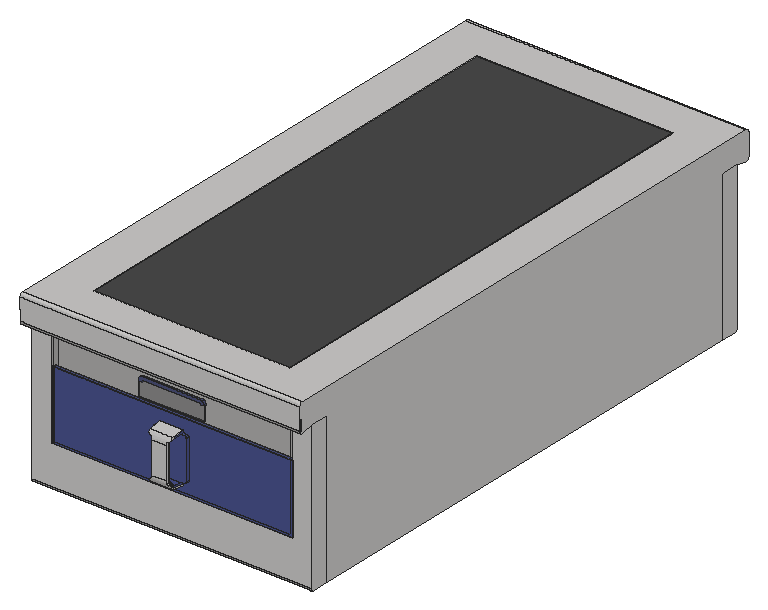
Revit family "QF_ELECTROLUXPROFESSIONAL_588021_MAIBACDOAO", category Specialty Equipment, Revit 2018
Family settings
  Round Connector Dimension = Use Diameter
  Part Type = Normal
  Work Plane-Based = No
  Always vertical = Yes
  Cut with Voids When Loaded = No
  Shared = No
  Room Calculation Point = No
Parameters
  Weight in Pounds = 48.5017
  Watts = 10000 VA  # 10000 W
  Volts = 400 V  # constant formula
  URL Cutsheet = ""
  Type Mark [instance] = ""
  Status [instance] = ""
  Specification by User [instance] = ""
  Specification by Manufacturer = ""
  Serial Number = ""
  Seismic Rating = ""
  SMACNA No = ""
  Revision Code [instance] = ""
  Phase = 3  # constant formula
  Omniclass Number and Title = ""
  Number of Poles [instance] = 1
  NAFEM Spec ID Number = ""
  Model = "588021"
  Min Ckt Ampacity = 0 A
  Max Overcurrent Protection = 0 A
  Masterspec = ""
  Manufacturer = "ELECTROLUX"
  Item Number [instance] = ""
  Installed By [instance] = ""
  Identify Quantity as Lot [instance] = yes
  HP = "13.4 HP"
  Furnished By [instance] = ""
  Foodservice Equipment Identifier [instance] = yes
  FL Amps [instance] = if(Phase = 3, Watts / (Volts * 1.73), Watts / Volts)  # 14.4509 A
  Electrical Remarks = "400 V/3N ph/50/60 Hz"  # constant formula
  Electric Connection Type [instance] = ""
  Elec Conn RI Height [instance] = 0 mm
  Elec Conn Connection Height [instance] = 0 mm
  Direct Waste Size = 0"
  Description = "INDUCTION TOP,2 ZONES,2SIDE,400X800X250H"
  Cycle [instance] = if([60 Hertz Option], 60 Hz, 50 Hz)  # 60 Hz
  Conn Plug = ""
  Conn Conduit = yes
  CSI MasterFormat = ""
  CSI Master Format = ""
  Apparent Power [instance] = if(Phase = 3, Volts * FL Amps * 1.73, Volts * FL Amps)  # 10000 VA
  60 Hertz Option [instance] = not([50 Hertz Option])  # yes
  500 Pass Though Panel = yes
  50 Hertz Option [instance] = no
Reference planes
  plane 1 "BACK": y = 0
  plane 2: z = 0
  plane 3 "LEFT": x = 0
  plane 4 "RIGHT": x = 400
  plane 5 "FRONT": y = -800
  plane 6 "TOP": z = 250
  plane 7: x = 200
  plane 8: y = -400
Forms (mm)
  Extrusion 1, solid, material "QF_Finishes_Stainless Steel"
    sketch origin (0, -487.128, 0) x (0, 1, 0) y (0, 0, 1)
      loop
        line (483.128, 250) -> (-308.872, 250)
        arc (-308.872, 250) -> (-311.7, 248.828) -> (-312.872, 246) r 4
        line (-312.872, 246) -> (-312.872, 214)
        arc (-312.872, 214) -> (-311.443, 210.936) -> (-308.177, 210.061) r 4
        line (-308.177, 210.061) -> (-291.509, 213) -> (-266.872, 213) -> (-266.872, 0) -> (441.128, 0) -> (441.128, 213) -> (465.765, 213) -> (482.433, 210.061)
        arc (482.433, 210.061) -> (485.699, 210.936) -> (487.128, 214) r 4
        line (487.128, 214) -> (487.128, 246)
        arc (487.128, 246) -> (485.956, 248.828) -> (483.128, 250) r 4
    from 0 to 400
  Extrusion 2, void
    sketch origin (653.786, 44.048, 250) x (1, 0, 0) y (0, -1, 0)
      loop
        line (-593.786, 104.048) -> (-313.786, 104.048) -> (-313.786, 787.779) -> (-593.786, 787.779) -> (-593.786, 104.048)
    from 0 to 37
  Extrusion 3, solid, material "QF_Finishes_Stainless Steel"
    sketch origin (0, -754, 0) x (1, 0, 0) y (0, -1, 0)
      loop
        circle (355, -69) r 6.35
    from 0 to 3.2
  Extrusion 4, solid, material "QF_Finishes_Black"
    sketch origin (653.786, 44.048, 213) x (1, 0, 0) y (0, 1, 0)
      loop
        line (-593.786, -787.779) -> (-313.786, -787.779) -> (-313.786, -104.048) -> (-593.786, -104.048) -> (-593.786, -787.779)
    from 0 to 37
Cuts and joins
  Extrusion 2 cuts Extrusion 1
Lines and regions (mm)
  symbolic lines
    curve 1: line (0, 0, 0) -> (400, 0, 0)
    curve 2: line (0, -800, 0) -> (0, 0, 0)
    curve 3: line (400, -800, 0) -> (0, -800, 0)
    curve 4: line (400, 0, 0) -> (400, -800, 0)
    curve 5: line (340, -743.73, 0) -> (340, -60, 0)
    curve 6: line (340, -60, 0) -> (60, -60, 0)
    curve 7: line (60, -60, 0) -> (60, -743.73, 0)
    curve 8: line (60, -743.73, 0) -> (340, -743.73, 0)
    curve 9: line (183.892, -802.326, 0) -> (183.892, -800, 0)
    curve 10: spline (189.561, -803.73, 0) -> (189.082, -803.657, 0) -> (188.604, -803.575, 0) -> (188.127, -803.486, 0) -> (187.651, -803.389, 0) -> (187.177, -803.283, 0) -> (186.703, -803.17, 0) -> (186.231, -803.049, 0) -> (185.76, -802.92, 0) -> (185.29, -802.783, 0) -> (184.823, -802.638, 0) -> (184.357, -802.486, 0) -> (183.892, -802.326, 0)
    curve 11: line (216.108, -802.326, 0) -> (216.108, -800, 0)
    curve 12: spline (216.108, -802.326, 0) -> (215.643, -802.486, 0) -> (215.177, -802.638, 0) -> (214.71, -802.783, 0) -> (214.24, -802.92, 0) -> (213.769, -803.049, 0) -> (213.297, -803.17, 0) -> (212.823, -803.283, 0) -> (212.349, -803.389, 0) -> (211.873, -803.486, 0) -> (211.396, -803.575, 0) -> (210.918, -803.657, 0) -> (210.439, -803.73, 0)
    curve 13: line (189.561, -803.73, 0) -> (210.439, -803.73, 0)
    curve 14: line (183.892, 2.326, 0) -> (183.892, 0, 0)
    curve 15: spline (189.561, 3.73, 0) -> (189.082, 3.657, 0) -> (188.604, 3.575, 0) -> (188.127, 3.486, 0) -> (187.651, 3.389, 0) -> (187.177, 3.283, 0) -> (186.703, 3.17, 0) -> (186.231, 3.049, 0) -> (185.76, 2.92, 0) -> (185.29, 2.783, 0) -> (184.823, 2.638, 0) -> (184.357, 2.486, 0) -> (183.892, 2.326, 0)
    curve 16: line (216.108, 2.326, 0) -> (216.108, 0, 0)
    curve 17: spline (216.108, 2.326, 0) -> (215.643, 2.486, 0) -> (215.177, 2.638, 0) -> (214.71, 2.783, 0) -> (214.24, 2.92, 0) -> (213.769, 3.049, 0) -> (213.297, 3.17, 0) -> (212.823, 3.283, 0) -> (212.349, 3.389, 0) -> (211.873, 3.486, 0) -> (211.396, 3.575, 0) -> (210.918, 3.657, 0) -> (210.439, 3.73, 0)
    curve 18: line (189.561, 3.73, 0) -> (210.439, 3.73, 0)
Dimensions and locks
  plane 3 "LEFT" to plane 4 "RIGHT" = 400 mm
  plane 5 "FRONT" to plane 1 "BACK" = 800 mm
  equal spacing: plane 3 "LEFT", plane 7, plane 4 "RIGHT"
  equal spacing: plane 5 "FRONT", plane 8, plane 1 "BACK"
  plane 6 "TOP" to level = 250 mm  (x2)
  plane 1 "BACK" to plane 5 "FRONT" = 800 mm
  Extrusion 3 sketch curve to plane 1 "BACK" = 685 mm
  Extrusion 3 sketch curve to plane 4 "RIGHT" = 45 mm
  aligned and locked: level to plane 2
  aligned and locked: cut or joined group of Extrusion 1, Extrusion 2 to plane 4 "RIGHT"
  aligned and locked: plane 7 to nested 1
Automatic sketch dimensions
  Extrusion 1 sketch curve to plane 5 "FRONT" = 0 mm
  Extrusion 1 sketch curve to plane 6 "TOP" = 0 mm
  Extrusion 1 sketch curve to level = 0 mm
  Extrusion 1 sketch curve to plane 1 "BACK" = 0 mm
  Extrusion 1 sketch curve to plane 6 "TOP" = 37 mm  (x2)
  Extrusion 1 sketch curve to plane 5 "FRONT" = 4 mm
  Extrusion 1 sketch curve to plane 5 "FRONT" = 21.363 mm
  Extrusion 1 sketch curve to plane 5 "FRONT" = 46 mm
  plane 1 "BACK" to Extrusion 1 sketch curve = 21.363 mm
  plane 1 "BACK" to Extrusion 1 sketch curve = 4 mm  (x2)
  Extrusion 1 sketch curve to Extrusion 1 sketch curve = 4 mm
  Extrusion 1 sketch curve to Extrusion 1 sketch curve = 0.695 mm
  Extrusion 1 sketch curve to Extrusion 1 sketch curve = 0 mm  (x4)
  plane 1 "BACK" to Extrusion 1 sketch curve = 4.695 mm
  Extrusion 1 sketch curve to Extrusion 1 sketch curve = 1 mm  (x2)
  plane 1 "BACK" to Extrusion 1 sketch curve = 46 mm
  Extrusion 1 to Extrusion 2 sketch curve = 60 mm  (x2)
  Extrusion 1 to Extrusion 2 sketch curve = 52.27 mm
  Extrusion 1 to Extrusion 2 sketch curve = 56 mm
  Extrusion 4 sketch curve to Extrusion 2 = 0 mm  (x3)
  Extrusion 2 to Extrusion 4 sketch curve = 0 mm
  curve 3 to plane 4 "RIGHT" = 0 mm
  curve 2 to plane 3 "LEFT" = 0 mm
  plane 1 "BACK" to curve 2 = 0 mm
  plane 4 "RIGHT" to curve 6 = 60 mm
  curve 17 to plane 1 "BACK" = 2.326 mm
  plane 7 to curve 17 = 16.108 mm
  plane 7 to curve 11 = 16.108 mm
  curve 17 to plane 1 "BACK" = 3.73 mm
  curve 16 to curve 17 = 5.669 mm
  curve 11 to curve 13 = 5.669 mm
  plane 7 to curve 17 = 6.269 mm
  curve 13 to curve 12 = 4.17 mm
  curve 15 to plane 1 "BACK" = 4.032 mm
  curve 15 to plane 7 = 6.269 mm
  curve 10 to plane 7 = 6.269 mm
  curve 15 to curve 18 = 4.17 mm
  curve 10 to curve 10 = 4.17 mm
  curve 15 to curve 14 = 5.669 mm
  curve 13 to curve 9 = 5.669 mm
  plane 3 "LEFT" to curve 7 = 60 mm
  curve 17 to plane 1 "BACK" = 4.032 mm
  curve 15 to plane 1 "BACK" = 2.326 mm
  plane 1 "BACK" to curve 7 = 60 mm
  curve 5 to plane 5 "FRONT" = 56.27 mm
  curve 10 to curve 12 = 0 mm
  curve 12 to curve 11 = 39.101 mm
  curve 7 to curve 3 = 56.27 mm
  curve 11 to curve 12 = 2.326 mm
  curve 11 to curve 12 = 1.405 mm
  curve 10 to curve 13 = 1.405 mm
  radius of Extrusion 3 sketch curve = 6.35 mm
Nested families
  nested 1: "IDT_800_500 Panel Single Centered" at (200, -754, -651.71), visible <- "500 Pass Though Panel", type "IDT_800_500 Panel Single Centered"
  nested 2: "IDT_800_500 Panel Single Centered" at (200, -46, -651.71), visible <- "500 Pass Though Panel", type "IDT_800_500 Panel Single Centered"
Connectors
  electrical at (355, -685, -3.2), driven by "Volts", driven by "Watts"
    settings: on Extrusion 3, index 1, voltage 400 V, apparent load 10000 VA, apparent load phase1 0 VA, apparent load phase2 0 VA, apparent load phase3 0 VA, power factor 1, load classification "Other", number of poles 1, system type 30, power factor state 1, is connector primary yes, connector utility no, sub classification motor no, connector description "ELECTRICAL CONNECTION"
Definition of nested family "IDT_800_500 Panel Single Centered"
  Reference planes
    plane 1 "Center (Front/Back)": y = 0
    plane 2: z = 0
    plane 3 "Center (Left/Right)": x = 0
  Forms (mm)
    Extrusion 1, solid
      sketch origin (833.217, 829.203, -1.25) x (0, 1, 0) y (0, 0, 1)
        loop
          arc (-854.203, 655.96) -> (-853.324, 653.839) -> (-851.203, 652.96) r 3
          line (-851.203, 652.96) -> (-829.203, 652.96) -> (-829.203, 865.96) -> (-854.203, 865.96) -> (-854.203, 655.96)
      from -1033.217 to -633.217
    Extrusion 2, void
      sketch origin (33.217, 829.203, 0.636) x (1, 0, 0) y (0, 0, 1)
        loop
          line (-205.217, 852.364) -> (-205.217, 710.364) -> (138.783, 710.364) -> (138.783, 852.364) -> (-205.217, 852.364)
      from 843.409 to 854.203
  Cuts and joins
    Extrusion 2 cuts Extrusion 1
  Dimensions and locks
    cut or joined group of Extrusion 1, Extrusion 2 to cut or joined group of Extrusion 1, Extrusion 2 = 400 mm  (x2)
    equal spacing: cut or joined group of Extrusion 1, Extrusion 2, nested 1, cut or joined group of Extrusion 1, Extrusion 2
    cut or joined group of Extrusion 1, Extrusion 2 to cut or joined group of Extrusion 1, Extrusion 2 = 213 mm
    aligned and locked: cut or joined group of Extrusion 1, Extrusion 2 to nested 1
  Automatic sketch dimensions
    Extrusion 1 sketch curve to plane 1 "Center (Front/Back)" = 0 mm
    plane 1 "Center (Front/Back)" to Extrusion 1 sketch curve = 22 mm
    Extrusion 1 sketch curve to Extrusion 1 sketch curve = 3 mm
    level to Extrusion 1 sketch curve = 651.71 mm
    Extrusion 1 sketch curve to Extrusion 1 sketch curve = 210 mm
    Extrusion 2 sketch curve to plane 3 "Center (Left/Right)" = 172 mm
    plane 3 "Center (Left/Right)" to Extrusion 2 sketch curve = 172 mm
    level to Extrusion 2 sketch curve = 711 mm
    Extrusion 2 sketch curve to Extrusion 2 sketch curve = 142 mm
  Nested families
    nested 1: "glass conrol panel One Right Side" at (0, 279.791, 1.886), type "glass conrol panel One Right Side"
    nested 2: "Range Control Handle" at (0, -27.043, -209.113), type "Range Control Handle"
  Definition of nested family "glass conrol panel One Right Side"
    Reference planes
      plane 1 "Center (Front/Back)": y = 0
      plane 2: z = 0
      plane 3 "Center (Left/Right)": x = 0
    Forms (mm)
      Extrusion 1, solid
        sketch origin (378.286, 0, 0.617) x (1, 0, 0) y (0, 0, 1)
          loop
            line (-550.286, 806.791) -> (-550.286, 708.497) -> (-206.286, 708.497) -> (-206.286, 806.791) -> (-550.286, 806.791)
        from 300.031 to 304.8
      Extrusion 2, solid
        sketch origin (378.286, 0, 0.617) x (1, 0, 0) y (0, 0, 1)
          loop
            line (-550.286, 850.497) -> (-550.286, 806.791) -> (-206.286, 806.791) -> (-206.286, 850.497) -> (-550.286, 850.497)
        from 300.031 to 304.8
      Extrusion 3, solid
        sketch origin (308.333, 1.101, -0.633) x (1, 0, 0) y (0, 0, 1)
          loop
            line (-261.431, 812.62) -> (-261.431, 834.177) -> (-266.24, 834.177) -> (-268.039, 835.977) -> (-348.469, 835.977) -> (-350.269, 834.177) -> (-355.186, 834.177) -> (-355.186, 812.62) -> (-261.431, 812.62)
        from 304.798 to 306.745
      Extrusion 4, solid
        sketch origin (308.333, 1.101, -0.633) x (1, 0, 0) y (0, 0, 1)
          loop
            line (-350.269, 834.177) -> (-348.469, 835.977) -> (-268.039, 835.977) -> (-266.24, 834.177) -> (-261.529, 834.177)
            arc (-261.529, 834.177) -> (-262.706, 838.752) -> (-266.98, 840.763) r 5.549
            line (-266.98, 840.763) -> (-349.686, 840.763)
            arc (-349.686, 840.763) -> (-353.942, 838.747) -> (-355.078, 834.177) r 5.5
            line (-355.078, 834.177) -> (-350.269, 834.177)
        from 304.798 to 306.745
      Extrusion 5, void
        sketch origin (378.286, 0, 0.617) x (1, 0, 0) y (0, 0, 1)
          loop
            line (-547.628, 847.565) -> (-547.628, 710.699) -> (-209.196, 710.699) -> (-209.196, 847.565) -> (-547.628, 847.565)
        from 303.697 to 304.8
    Cuts and joins
      Extrusion 5 cuts Extrusion 2
      Extrusion 5 cuts Extrusion 1
    Dimensions and locks
      aligned and locked: Extrusion 1 to Extrusion 2
      aligned and locked: Extrusion 4 sketch curve to Extrusion 3  (x4)
      aligned and locked: Extrusion 3 to Extrusion 4 sketch curve
      aligned and locked: Extrusion 4 to Extrusion 3
  Definition of nested family "Range Control Handle"
    Reference planes
      plane 1 "Center (Front/Back)": y = 0
      plane 2: z = 0
      plane 3 "Center (Left/Right)": x = 0
      plane 4: z = 971.092
    Forms (mm)
      Extrusion 1, solid
        sketch origin (-746.28, 380.497, 208.931) x (-1, 0, 0) y (0, 0, 1)
          loop
            line (-770.101, 786.798) -> (-770.101, 731.649)
            arc (-770.101, 731.649) -> (-769.759, 730.563) -> (-768.855, 729.87) r 1.893
            line (-768.855, 729.87) -> (-763.474, 727.911) -> (-729.81, 727.911) -> (-724.428, 729.87)
            arc (-724.428, 729.87) -> (-723.525, 730.563) -> (-723.183, 731.649) r 1.893
            line (-723.183, 731.649) -> (-723.183, 786.798)
            arc (-723.183, 786.798) -> (-723.529, 787.894) -> (-724.44, 788.593) r 1.91
            line (-724.44, 788.593) -> (-729.683, 790.819) -> (-763.601, 790.819) -> (-768.844, 788.593)
            arc (-768.844, 788.593) -> (-769.755, 787.894) -> (-770.101, 786.798) r 1.91
        from -382.35 to -378.852
      Sweep 2, solid
        path origin (-746.788, 380.496, 208.091) x (0, -1, 0) y (0, 0, 1)
          loop
            line (379.775, 793.281) -> (395.661, 791.048)
            arc (395.661, 791.048) -> (397.781, 787.377) -> (398.517, 783.202) r 12.207
            line (398.517, 783.202) -> (398.517, 737.368)
            arc (398.517, 737.368) -> (397.781, 733.193) -> (395.661, 729.522) r 12.207
            line (395.661, 729.522) -> (379.775, 727.289)
        profile origin (-746.788, -7.222, 1000.256) x (0, -0.139173, 0.990268) y (-1, 0, 0)
          loop
            line (0.782, -763.123) -> (0.782, -730.907) -> (-1.322, -730.907) -> (-1.322, -763.123) -> (0.782, -763.123)
      Sweep 3, solid
        path origin (-746.788, 380.715, 207.832) x (0, -1, 0) y (0, 0, 1)
          loop
            line (380.478, 795.442) -> (397.218, 793.09)
            arc (397.218, 793.09) -> (399.929, 788.473) -> (400.871, 783.202) r 15.207
            line (400.871, 783.202) -> (400.871, 737.584)
            arc (400.871, 737.584) -> (399.914, 732.274) -> (397.164, 727.633) r 15.207
            line (397.164, 727.633) -> (380.601, 725.305)
        profile origin (-746.788, -8.132, 1002.099) x (0, -0.139173, 0.990268) y (-1, 0, 0)
          loop
            line (0.782, -763.123) -> (0.782, -730.907) -> (-1.322, -730.907) -> (-1.322, -763.123) -> (0.782, -763.123)
      Extrusion 4, void
        sketch origin (889.253, 220.666, 207.993) x (1, 0, 0) y (0, 0, 1)
          loop
            line (-943.038, 816.854) -> (-943.038, 703.686) -> (-899.466, 734.196) -> (-899.466, 786.344) -> (-943.038, 816.854)
        from 230.636 to 242.25
      Extrusion 5, void
        sketch origin (-888.8, 220.666, 207.993) x (-1, 0, 0) y (0, 0, -1)
          loop
            line (-943.038, -816.854) -> (-899.466, -786.344) -> (-899.466, -734.196) -> (-943.038, -703.686) -> (-943.038, -816.854)
        from 230.636 to 242.25
      Extrusion 6, solid
        sketch origin (0, 0, 0) x (1, 0, 0) y (0, 0, 1)
          loop
            circle (0, 971.092) r 7.736
        from -3.137 to -1.645
    Cuts and joins
      Extrusion 4, Extrusion 5 cuts Sweep 3
      Extrusion 4, Extrusion 5 cuts Sweep 2
      joined: Extrusion 1, Extrusion 6
    Lines and regions (mm)
      symbolic lines
        curve 1: line (23.821, 1.645, 0) -> (-23.097, 1.645, 0)
        curve 2: line (16.334, -1.853, 0) -> (23.821, -1.853, 0)
        curve 3: line (-15.881, -19.189, 0) -> (-15.881, -1.853, 0)
        curve 4: line (-23.097, -1.853, 0) -> (-15.881, -1.853, 0)
        curve 5: line (16.334, -19.189, 0) -> (16.334, -1.853, 0)
        curve 6: spline (-15.881, -19.189, 0) -> (-15.417, -19.349, 0) -> (-14.951, -19.501, 0) -> (-14.483, -19.646, 0) -> (-14.014, -19.783, 0) -> (-13.543, -19.912, 0) -> (-13.071, -20.033, 0) -> (-12.597, -20.146, 0) -> (-12.122, -20.251, 0) -> (-11.646, -20.349, 0) -> (-11.169, -20.438, 0) -> (-10.691, -20.52, 0) -> (-10.213, -20.593, 0)
        curve 7: spline (10.666, -20.593, 0) -> (11.144, -20.52, 0) -> (11.622, -20.438, 0) -> (12.099, -20.349, 0) -> (12.575, -20.251, 0) -> (13.05, -20.146, 0) -> (13.524, -20.033, 0) -> (13.996, -19.912, 0) -> (14.467, -19.783, 0) -> (14.936, -19.646, 0) -> (15.404, -19.501, 0) -> (15.87, -19.349, 0) -> (16.334, -19.189, 0)
        curve 8: line (-10.213, -20.938, 0) -> (10.716, -20.938, 0)
        curve 9: line (-23.097, 1.645, 0) -> (-23.097, -1.853, 0)
        curve 10: line (23.821, 1.645, 0) -> (23.821, -1.853, 0)
